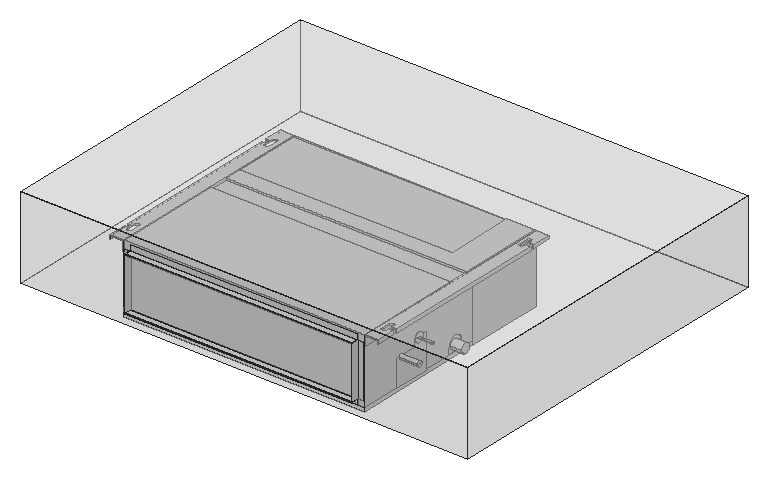
Revit family "outputfile", category 機械設備, Revit 2024
Family settings
  丸型コネクタ寸法 = 半径を使用
  パーツ タイプ = 標準
  OmniClass 番号 = 23.75.10.24.21.27.27
  OmniClass タイトル = Split System Air Conditioning Units
  作業面ベース = いいえ
  常に垂直 = はい
  ロード時にボイドで切り取り = いいえ
  注釈の向きを維持 = いいえ
  共有 = いいえ
  部屋計算ポイント = はい
Parameters (values of type "FXDQ25PDVET")
  Description = ""
  製造元 = "Daikin"
  書き出し IFC クラス(タイプ) = "IfcUnitaryEquipmentType"
  定義済み IFC タイプ(タイプ) = "AIRCONDITIONINGUNIT"
  Cost = 0
  モデル = "FXDQ25PDVET"
  Type Comments = ""
  Keynote = ""
  Type Image = (empty or 0)
  Assembly Code = ""
  w_pipe = 33.0 mm
  r_Liquid Pipe Size = Liquid Pipe Size / 2  # 3.2 mm
  r_Gas Pipe Size = Gas Pipe Size / 2  # 6.35 mm
  r_Drain Pipe Size = Drain Pipe Size / 2  # 10.0 mm
  lw_powersupply = 304.0 mm
  lh_suctionflange [instance] = if(Rear Connection_Return Air, 100.0 mm + [h***], 190.0 mm + [h***])  # 100.0 mm
  ld_suctionflange [instance] = if(Rear Connection_Return Air, 190.0 mm, 100.0 mm)  # 190.0 mm
  ld_powersupply = 60.0 mm
  angle_vertical_RA [instance] = if(Rear Connection_Return Air, 90.00°, 0.00°)  # 90.00°
  angle horizontal_RA [instance] = if(Rear Connection_Return Air, 180.00°, 270.00°)  # 180.00°
  Voltage_comment_60Hz = "220"
  Voltage_comment_50Hz = "220-240"
  Voltage_60Hz = 220 V
  Voltage_50Hz = 220 V
  URL = ""
  Supply Air Direction [instance] = yes
  Sound Power Level_H speed (dB) = 54
  Rear Connection_Return Air [instance] = not(Bottom Connection_Return Air)  # yes
  RA_length = 190.0 mm  # constant formula
  Phase_60Hz = 1
  Phase_50Hz = 1
  Minimum External Static Pressure = 10.00 Pa
  Minimum Circuit Amps_60Hz = 0.8 A
  Minimum Circuit Amps_50Hz = 0.7 A
  Maximum Fuse Amps_60Hz = 16.0 A
  Maximum Fuse Amps_50Hz = 16.0 A
  Maximum External Static Pressure = 30.00 Pa
  Material_Casing = DAIKIN_GalvanizedSteel_Casing_indoorunit
  lw_liquidpipe = 46.0 mm  # constant formula
  lw_gaspipe = 57.0 mm  # constant formula
  lw_mountinghole_pitch = 740.0 mm  # constant formula
  lw_mountinghole = 20.0 mm  # constant formula
  lw_drainpipe = 33.0 mm  # constant formula
  lh_powersupply = 10.0 mm
  lh_liquidpipe = 110.0 mm
  lh_gaspipe = 87.0 mm
  lh_mountinghole = Height + [h***]  # 200.0 mm
  lh_drainpipe = 30.0 mm
  lh_antena = 1.0 mm  # constant formula
  ld_liquidpipe = 193.0 mm  # constant formula
  ld_gaspipe = 130.0 mm  # constant formula
  ld_mountinghole_pitch = 500.0 mm  # constant formula
  ld_drainpipe = 280.0 mm
  ld_controlbox = 626.0 mm  # constant formula
  h*** = 0.0 mm  # constant formula
  d_dischargeflange = 21.2 mm  # constant formula
  Width = 700.0 mm
  Version = "ver.1.0"
  Unit Type = "Slim Duct (Standard) Type"
  Unit Mass Weight = 23.00 kg
  Unit Designation [instance] = ""
  Uniclass2015Version = "Products v1.30"
  Uniclass2015Title = "Variable refrigerant flow units"
  Uniclass2015Code = "Pr_70_65_03_94"
  Total Heating Capacity [instance] = 0.000 kW
  Total Cooling Capacity [instance] = 0.000 kW
  Sound Pressure Level_M speed (dBA) = 0
  Sound Pressure Level_L speed (dBA) = 23
  Sound Pressure Level_H speed (dBA) = 28
  Series = "VRV Fan Coil Unit"
  Sensible Cooling Capacity [instance] = 0.000 kW
  SA Duct Size Width = 660.0 mm
  SA Duct Size Height = 153.0 mm
  Refrigerant Type = "R410A"
  RA Duct Size Width = 600.0 mm
  RA Duct Size Height = 180.0 mm
  Power Input (Heating) = 0.067 kW
  Power Input (Cooling) = 0.067 kW
  Option Accessory 3 [instance] = ""
  Option Accessory 2 [instance] = ""
  Option Accessory 1 [instance] = ""
  Nominal Heating Capacity = 3.200 kW
  Nominal Cooling Capacity = 2.800 kW
  Minimum Airflow = 384.00 m³/h
  Median Airflow = 432.00 m³/h
  Maximum Airflow = 480.00 m³/h
  Load Classification = HVAC
  Liquid Pipe Size = 6.4 mm
  Link_Nested Family [instance] = ""
  IfcVersion = "0"
  IfcExportType = "AIRCONDITIONINGUNIT"
  IfcExportAs = "IfcUnitaryEquipmentType"
  Height = 200.0 mm
  Heating Entering Wet Bulb Temperature [instance] = 0.00 °C
  Heating Entering Dry Bulb Temperature [instance] = 0.00 °C
  Heating Ambient Wet Bulb Temperature [instance] = 0.00 °C
  Heating Ambient Dry Bulb Temperature [instance] = 0.00 °C
  Heat Exchanger Type = "Cross Fin Coil"
  Gas Pipe Size = 12.7 mm
  Frequency_60Hz = 60 Hz
  Frequency_50Hz = 50 Hz
  Fan Type = "Sirocco Fan"
  Fan Drive = "Direct Drive"
  FCU Tag No. [instance] = ""
  Drain Pipe Size = 20.0 mm
  Design Supply Airflow [instance] = 0.00 m³/h
  Design Return Airflow [instance] = 0.00 m³/h
  Design External Static Pressure [instance] = 0.00 Pa
  Depth = 620.0 mm
  既定の高さ = 0.0 mm
  Cooling Entering Wet Bulb Temperature [instance] = 0.00 °C
  Cooling Entering Dry Bulb Temperature [instance] = 0.00 °C
  Cooling Ambient Wet Bulb Temperature [instance] = 0.00 °C
  Cooling Ambient Dry Bulb Temperature [instance] = 0.00 °C
  Clearance visibility [instance] = yes
  Clearance Top = 20.0 mm
  Clearance Right = 300.0 mm
  Clearance Rear = 400.0 mm
  Clearance Left = 300.0 mm
  Clearance Front = 0.0 mm
  Clearance Bottom = 20.0 mm
  Bottom Connection_Return Air [instance] = no
Reference planes
  plane 1 "Center (Front/Back)": y = 0
  plane 2: z = 0
  plane 3 "Center (Left/Right)": x = 0
  plane 4 "Back": y = 310
  plane 5 "Front": y = -310
  plane 6 "Left": x = -350
  plane 7 "Right": x = 350
  plane 8 "Top": z = 0
  plane 9 "Bottom": z = -200
  plane 10: x = 330
  plane 11: x = -330
  plane 12: z = -190
  plane 13: z = -6
  plane 14: z = -22
  plane 15: z = -90
  plane 16: z = -113
  plane 17: x = -304
  plane 18: x = 304
  plane 19: x = -370
  plane 20: x = 370
  plane 21: y = -250
  plane 22: y = 250
  plane 23: x = -390
  plane 24: x = 390
  plane 25: x = 396
  plane 26: x = 407
  plane 27: x = 383
  plane 28: z = 0
  plane 29: z = -170
  plane 30 "Clearance Left": x = -650
  plane 31 "Clearance Right": x = 650
  plane 32 "Clearance Rear": y = 710
  plane 33 "Clearance Front": y = -310
  plane 34 "Clearance Top": z = 20
  plane 35 "Clearance Bottom": z = -220
  plane 36: z = -21
  plane 37: z = -170
  plane 38: z = -96.5
  plane 39: x = -40
  plane 40: y = -180
  plane 41: y = -117
  plane 42: y = -30
  plane 43: y = 20
  plane 44: z = -97.5
  plane 45: y = -309
  plane 46: x = -349
  plane 47: z = -100
  plane 48: z = -30
  plane 49: y = 210
  plane 50: z = 301
  plane 51: z = -199
  plane 52: y = 120
  plane 53: z = -101
  plane 54: x = 380
  plane 55: z = 11
  plane 56: z = 102.5
Forms (mm)
  Extrusion 1, solid
    sketch origin (0, 0, 0) x (1, 0, 0) y (0, 0, 1)
      loop
        line (-350, -190) -> (-350, -200) -> (350, -200) -> (350, -190) -> (-350, -190)
    from -84 to 310
  Extrusion 2, solid, material "DAIKIN_GalvanizedSteel_Casing_indoorunit" <- "Material_Casing"
    sketch origin (0, 0, 0) x (1, 0, 0) y (0, 1, 0)
      loop
        line (-350, -309) -> (350, -309) -> (350, 310) -> (-350, 310) -> (-350, -309)
    from -200 to 0
  Extrusion 3, void
    sketch origin (0, 0, 1) x (1, 0, 0) y (0, 1, 0)
      loop
        line (-350, 62.179) -> (-350, 4.179) -> (350, 4.179) -> (350, 62.179) -> (-350, 62.179)
    from -1 to -7
  Extrusion 4, void
    sketch origin (0, 0, 0) x (0, 1, 0) y (0, 0, 1)
      loop
        line (-5, -190) -> (45, -190) -> (45, -170)
        arc (45, -170) -> (20, -145) -> (-5, -170) r 25
        line (-5, -170) -> (-5, -190)
    from 350 to 345
  Revolve 5, solid, material "DAIKIN_GalvanizedSteel_Casing_indoorunit" <- "Material_Casing"
    sketch origin (0, 0, -113) x (0, -1, 0) y (1, 0, 0)
      loop
        line (173.65, 351) -> (180, 351) -> (180, 407) -> (173.65, 407) -> (173.65, 351)
      axis (180, 351) -> (180, 407)
    angle from 0 to 360
  Revolve 6, solid, material "DAIKIN_GalvanizedSteel_Casing_indoorunit" <- "Material_Casing"
    sketch origin (0, 0, -90) x (0, -1, 0) y (1, 0, 0)
      loop
        line (117, 351) -> (117, 396) -> (113.8, 396) -> (113.8, 351) -> (117, 351)
      axis (117, 396) -> (117, 351)
    angle from 0 to 360
  Extrusion 7, solid, material "DAIKIN_GalvanizedSteel_Casing_indoorunit" <- "Material_Casing"
    sketch origin (0, 0, 0) x (0, 1, 0) y (0, 0, 1)
      loop
        circle (-116, -90) r 12.7
    from 350 to 355.007
  Extrusion 8, solid, material "DAIKIN_GalvanizedSteel_Casing_indoorunit" <- "Material_Casing"
    sketch origin (0, 0, 0) x (0, 1, 0) y (0, 0, 1)
      loop
        circle (20, -170) r 13
    from 345 to 380
  Extrusion 9, solid, material "DAIKIN_GalvanizedSteel_Casing_indoorunit" <- "Material_Casing"
    sketch origin (0, 0, 0) x (1, 0, 0) y (0, 0, 1)
      loop
        line (-350, -190) -> (-350, -200) -> (350, -200) -> (350, -190) -> (-350, -190)
    from -84 to 310
  Extrusion 10, solid, material "DAIKIN_GalvanizedSteel_Casing_indoorunit" <- "Material_Casing", visible <- "Bottom Connection_Return Air"
    sketch origin (0, 0, 0) x (1, 0, 0) y (0, 0, 1)
      loop
        line (269, -200) -> (269, -1) -> (-349, -1) -> (-349, -200) -> (269, -200)
    from -310 to -309
  Extrusion 11, void
    sketch origin (0, 0, 0) x (1, 0, 0) y (0, 0, 1)
      loop
        line (269, 0) -> (-349, 0) -> (-349, -1) -> (269, -1) -> (269, 0)
    from -310 to -111
  Extrusion 12, solid, material "DAIKIN_GalvanizedSteel_Casing_indoorunit" <- "Material_Casing", visible <- "Rear Connection_Return Air"
    sketch origin (0, 0, 0) x (1, 0, 0) y (0, 1, 0)
      loop
        line (-349, 310) -> (-349, 111) -> (269, 111) -> (269, 310) -> (-349, 310)
    from -200 to -199
  Extrusion 13, solid, material "DAIKIN_GalvanizedSteel_Casing_indoorunit" <- "Material_Casing"
    sketch origin (0, 0, 0) x (0, 1, 0) y (0, 0, 1)
      loop
        line (-194, -113) -> (-194, -190) -> (-88.3, -190) -> (-88.3, -90) -> (-103.3, -90)
        arc (-103.3, -90) -> (-116, -102.7) -> (-128.7, -90) r 12.7
        line (-128.7, -90) -> (-128.7, -113) -> (-173.65, -113)
        arc (-173.65, -113) -> (-180, -119.35) -> (-186.35, -113) r 6.35
        line (-186.35, -113) -> (-194, -113)
    from 351 to 350
  Extrusion 14, solid, material "DAIKIN_GalvanizedSteel_Casing_indoorunit" <- "Material_Casing"
    sketch origin (0, 0, 0) x (0, 1, 0) y (0, 0, 1)
      loop
        line (84, -199) -> (310, -199) -> (310, -22) -> (91, -22) -> (84, -29) -> (84, -199)
    from 351 to 350
Cuts and joins
  Extrusion 3, Extrusion 4, Extrusion 11 cuts Extrusion 2
  Extrusion 4 cuts Extrusion 1
  Extrusion 11 cuts Extrusion 9
Dimensions and locks
  "lh_powersupply": plane 12 to plane 9 "Bottom"
  locked: plane 8 "Top" to plane 13 at 6
  "Height": plane 8 "Top" to plane 9 "Bottom"
  equal spacing: plane 17, plane 3 "Center (Left/Right)", plane 18, locked at 304 each
  locked: plane 17 to plane 18 at 608
  equal spacing: plane 19, plane 3 "Center (Left/Right)", plane 20, locked at 370 each
  "lw_mountinghole_pitch": plane 19 to plane 20
  locked: plane 14 to plane 9 "Bottom" at 178
  "lw_mountinghole": plane 23 to plane 19
  "lh_liquidpipe": plane 15 to plane 9 "Bottom"
  "lh_gaspipe": plane 16 to plane 9 "Bottom"
  "lh_mountinghole": plane 28 to plane 9 "Bottom"
  "ld_mountinghole_pitch": plane 22 to plane 21
  equal spacing: plane 6 "Left", plane 3 "Center (Left/Right)", plane 7 "Right", locked at 350 each
  "Width": plane 6 "Left" to plane 7 "Right"
  "lh_drainpipe": plane 29 to plane 9 "Bottom"
  "Clearance Right": plane 7 "Right" to plane 31 "Clearance Right"
  "Clearance Left": plane 30 "Clearance Left" to plane 6 "Left"
  "lw_gaspipe": plane 7 "Right" to plane 26
  "lw_liquidpipe": plane 7 "Right" to plane 25
  "lw_drainpipe": plane 7 "Right" to plane 27
  "Clearance Rear": plane 32 "Clearance Rear" to plane 4 "Back"
  "Clearance Front": plane 5 "Front" to plane 33 "Clearance Front"
  "Clearance Top": plane 34 "Clearance Top" to plane 8 "Top"
  "Clearance Bottom": plane 9 "Bottom" to plane 35 "Clearance Bottom"
  "ld_powersupply": plane 4 "Back" to plane 22
  "lw_powersupply": plane 3 "Center (Left/Right)" to plane 18
  locked: plane 8 "Top" to plane 36 at 21
  locked: plane 8 "Top" to plane 37 at 170
  locked: plane 40 to plane 41 at 63
  locked: plane 38 to plane 9 "Bottom" at 103.5
  locked: plane 36 to plane 44 at 76.5
  "Depth": plane 4 "Back" to plane 5 "Front"
  equal spacing: plane 4 "Back", plane 1 "Center (Front/Back)", plane 5 "Front"
  locked: plane 45 to plane 5 "Front" at 1
  locked: plane 46 to plane 6 "Left" at 1
  Extrusion 10 sketch curve to Extrusion 10 sketch curve = 199.0 mm
  locked: nested 12 to plane 39 at 300
  locked: plane 12 to plane 47 at 90
  plane 32 "Clearance Rear" to Extrusion 10 = 401.0 mm
  locked: plane 48 to plane 35 "Clearance Bottom" at 190
  locked: plane 49 to nested 13 at 90
  plane 50 to plane 28 = 301.0 mm
  locked: plane 51 to plane 9 "Bottom" at 1
  "ld_suctionflange": plane 4 "Back" to plane 52
  locked: plane 53 to plane 9 "Bottom" at 99
  locked: plane 54 to plane 7 "Right" at 30
  aligned and locked: level to plane 2
  aligned and locked: Extrusion 2 to plane 9 "Bottom"
  aligned and locked: plane 8 "Top" to Extrusion 2
  aligned and locked: Revolve 5 sketch curve to Revolve 5 sketch curve
  aligned and locked: plane 15 to Extrusion 7 sketch curve
  aligned and locked: cut or joined group of Extrusion 1, Extrusion 4 to plane 9 "Bottom"
  aligned and locked: plane 24 to nested 1
  aligned and locked: nested 1 to plane 23
  aligned and locked: plane 25 to nested 6
  aligned and locked: nested 6 to plane 15
  aligned and locked: nested 2 to plane 22
  aligned and locked: plane 20 to nested 2
  aligned and locked: plane 20 to nested 3
  aligned and locked: plane 19 to nested 4
  aligned and locked: plane 22 to nested 5
  aligned and locked: nested 5 to plane 22
  aligned and locked: plane 19 to nested 5
  aligned and locked: plane 22 to nested 11
  aligned and locked: plane 18 to nested 11  (x2)
  aligned and locked: nested 11 to plane 18
  aligned and locked: plane 4 "Back" to nested 11
  aligned and locked: cut or joined group of Extrusion 2, Extrusion 3, Extrusion 4, Extrusion 11 to nested 11
  aligned and locked: nested 11 to plane 12
  aligned and locked: plane 8 "Top" to nested 1
  aligned and locked: Extrusion 9 to plane 5 "Front"
  aligned and locked: Extrusion 9 to plane 9 "Bottom"
  aligned and locked: nested 7 to plane 16
  aligned and locked: plane 4 "Back" to nested 1
  aligned and locked: plane 40 to nested 7
  aligned and locked: plane 41 to nested 6
  aligned and locked: Extrusion 8 sketch curve to plane 43
  aligned and locked: nested 12 to plane 46
  aligned and locked: plane 4 "Back" to Extrusion 11
  aligned and locked: Extrusion 12 to nested 13
  aligned and locked: plane 8 "Top" to Extrusion 3
  aligned and locked: Extrusion 10 to cut or joined group of Extrusion 2, Extrusion 3, Extrusion 4, Extrusion 11
  aligned and locked: plane 9 "Bottom" to Extrusion 12  (x2)
  aligned and locked: Extrusion 12 to plane 51
  aligned and locked: plane 4 "Back" to nested 12
  aligned and locked: Extrusion 11 to level
  aligned and locked: plane 32 "Clearance Rear" to nested 14
  aligned and locked: plane 31 "Clearance Right" to nested 14
  aligned and locked: plane 30 "Clearance Left" to nested 14
  aligned and locked: nested 14 to plane 33 "Clearance Front"
  aligned and locked: nested 14 to plane 34 "Clearance Top"
  aligned and locked: nested 14 to plane 35 "Clearance Bottom"
  aligned and locked: plane 7 "Right" to Extrusion 13
  aligned and locked: plane 4 "Back" to Extrusion 14
  aligned and locked: Extrusion 14 to plane 51
  aligned and locked: plane 7 "Right" to Extrusion 14
  aligned and locked: Extrusion 13 to Revolve 5 sketch curve
  aligned and locked: Extrusion 3 to plane 13
  aligned and locked: plane 52 to nested 15
  aligned and locked: Extrusion 11 to nested 13
  aligned and locked: Extrusion 8 to plane 54
  aligned and locked: nested 8 to plane 54
  aligned and locked: plane 43 to nested 8
  aligned and locked: nested 8 to plane 37
  aligned and locked: nested 10 to plane 1 "Center (Front/Back)"
  aligned and locked: plane 46 to Extrusion 10
  aligned and locked: nested 12 to plane 51
  aligned and locked: plane 3 "Center (Left/Right)" to nested 10
  aligned and locked: plane 13 to nested 16
  aligned and locked: plane 45 to nested 16
  aligned and locked: plane 44 to nested 9
  aligned and locked: level to plane 8 "Top"
Automatic sketch dimensions
  Extrusion 1 sketch curve to plane 6 "Left" = 0.0 mm
  Extrusion 1 sketch curve to plane 7 "Right" = 0.0 mm
  Extrusion 1 sketch curve to plane 9 "Bottom" = 0.0 mm
  Extrusion 1 sketch curve to plane 12 = 0.0 mm
  Extrusion 2 sketch curve to plane 4 "Back" = 0.0 mm
  Extrusion 2 sketch curve to plane 6 "Left" = 0.0 mm
  Extrusion 2 sketch curve to plane 7 "Right" = 0.0 mm
  Extrusion 2 sketch curve to plane 45 = 0.0 mm
  Extrusion 3 sketch curve to plane 6 "Left" = 0.0 mm
  Extrusion 3 sketch curve to plane 7 "Right" = 0.0 mm
  Extrusion 3 sketch curve to plane 1 "Center (Front/Back)" = 4.179 mm
  plane 43 to Extrusion 3 sketch curve = 42.179 mm
  Extrusion 4 sketch curve to plane 37 = 0.0 mm
  Extrusion 4 sketch curve to plane 12 = 0.0 mm
  Extrusion 4 sketch curve to plane 43 = 0.0 mm
  plane 1 "Center (Front/Back)" to Extrusion 4 sketch curve = 5.0 mm
  Revolve 6 sketch curve to plane 25 = 0.0 mm  (x2)
  Revolve 6 sketch curve to plane 41 = 0.0 mm  (x2)
  plane 41 to Revolve 6 sketch curve = 3.2 mm
  plane 7 "Right" to Revolve 6 sketch curve = 1.0 mm
  Revolve 6 sketch curve to Revolve 6 sketch curve = 0.0 mm
  plane 41 to Extrusion 7 sketch curve = 1.0 mm
  Extrusion 8 sketch curve to plane 37 = 0.0 mm
  Extrusion 9 sketch curve to plane 6 "Left" = 0.0 mm
  Extrusion 9 sketch curve to plane 7 "Right" = 0.0 mm
  Extrusion 9 sketch curve to plane 9 "Bottom" = 0.0 mm
  Extrusion 9 sketch curve to plane 12 = 0.0 mm
  plane 46 to Extrusion 10 sketch curve = 0.0 mm
  Extrusion 10 sketch curve to plane 18 = 35.0 mm
  plane 46 to Extrusion 11 sketch curve = 0.0 mm
  Extrusion 11 sketch curve to plane 18 = 35.0 mm
  Extrusion 11 sketch curve to plane 8 "Top" = 1.0 mm
  Extrusion 12 sketch curve to plane 46 = 0.0 mm
  Extrusion 12 sketch curve to plane 4 "Back" = 0.0 mm
  Extrusion 12 sketch curve to plane 18 = 35.0 mm
  plane 43 to Extrusion 12 sketch curve = 91.0 mm
  plane 35 "Clearance Bottom" to Extrusion 11 sketch curve = 220.0 mm
  Extrusion 10 sketch curve to plane 51 = 1.0 mm
  Extrusion 13 sketch curve to plane 12 = 0.0 mm
  Extrusion 13 sketch curve to plane 16 = 0.0 mm
  Extrusion 13 sketch curve to plane 40 = 0.0 mm
  Extrusion 13 sketch curve to plane 15 = 0.0 mm
  Extrusion 13 sketch curve to Extrusion 13 sketch curve = 6.35 mm
  Extrusion 13 sketch curve to Extrusion 13 sketch curve = 7.65 mm
  Extrusion 13 sketch curve to plane 41 = 11.7 mm
  plane 41 to Extrusion 13 sketch curve = 1.0 mm
  Extrusion 13 sketch curve to Extrusion 13 sketch curve = 27.7 mm
  Extrusion 14 sketch curve to plane 51 = 0.0 mm
  Extrusion 14 sketch curve to plane 14 = 0.0 mm
  plane 48 to Extrusion 14 sketch curve = 1.0 mm
  plane 43 to Extrusion 14 sketch curve = 64.0 mm
  Extrusion 14 sketch curve to Extrusion 14 sketch curve = 7.0 mm
  Extrusion 14 sketch curve to plane 4 "Back" = 0.0 mm
  Revolve 5 sketch curve to plane 26 = 0.0 mm
  Revolve 5 sketch curve to plane 40 = 0.0 mm
  Revolve 5 sketch curve to Revolve 5 sketch curve = 1.003 mm  (x2)
  plane 40 to Revolve 5 sketch curve = 6.35 mm
  radius of Extrusion 7 sketch curve = 12.7 mm
  radius of Extrusion 8 sketch curve = 13.0 mm
Nested families
  nested 1: "daikin_hangerfixture_FXDQ-PDVET" at (0, 0.5, 0), type "daikin_hangerfixture_FXDQ-PDVET"
  nested 2: "daikin_mountinghole" at (370, 250, -200), l_antenna <- "lh_antena", Link_Nested Family <- "Link_Nested Family", h_mountinghole <- "lh_mountinghole", type "daikin_mountinghole"
    with show yes, l_antenna 1.0 mm, h_mountinghole 200.0 mm, Link_Nested Family ""
  nested 3: "daikin_mountinghole" at (370, -250, -200), Link_Nested Family <- "Link_Nested Family", l_antenna <- "lh_antena", h_mountinghole <- "lh_mountinghole", type "daikin_mountinghole"
    with show yes, l_antenna 1.0 mm, h_mountinghole 200.0 mm, Link_Nested Family ""
  nested 4: "daikin_mountinghole" at (-370, -250, -200), l_antenna <- "lh_antena", Link_Nested Family <- "Link_Nested Family", h_mountinghole <- "lh_mountinghole", type "daikin_mountinghole"
    with show yes, l_antenna 1.0 mm, h_mountinghole 200.0 mm, Link_Nested Family ""
  nested 5: "daikin_mountinghole" at (-370, 250, -200), l_antenna <- "lh_antena", Link_Nested Family <- "Link_Nested Family", h_mountinghole <- "lh_mountinghole", type "daikin_mountinghole"
    with show yes, l_antenna 1.0 mm, h_mountinghole 200.0 mm, Link_Nested Family ""
  nested 6: "daikin_connector_rotate2" at (350, -117, -90) x (0, 1, 0) z (0, 0, 1), length <- "lw_liquidpipe", built-in parameter 1001364 <- "lh_liquidpipe", radius <- "r_Liquid Pipe Size", type "daikin_connector_rotate2"
    with radius 3.2 mm, length 46.0 mm, angle_vertical 90.00°, show_face no
  nested 7: "daikin_connector_rotate2" at (350, -180, -113) x (0, 1, 0) z (0, 0, 1), length <- "lw_gaspipe", built-in parameter 1001364 <- "lh_gaspipe", radius <- "r_Gas Pipe Size", type "daikin_connector_rotate2"
    with radius 6.35 mm, length 57.0 mm, angle_vertical 90.00°, show_face no
  nested 8: "daikin_connector_rotate2" at (347, 20, -170) x (0, 1, 0) z (0, 0, 1), built-in parameter 1001364 <- "lh_drainpipe", length <- "lw_drainpipe", radius <- "r_Drain Pipe Size", type "daikin_connector_rotate2"
    with radius 10.0 mm, length 33.0 mm, angle_vertical 90.00°, show_face no
  nested 9: "daikin_connector_rotate2" at (0, -309, -97.5), length <- "d_dischargeflange", type "daikin_connector_rotate2"
    with radius 10.0 mm, length 21.2 mm, angle_vertical 90.00°, show_face no
  nested 10: "daikin_△_symbolicline" at (-75, -129.904, 200) x (-0.5, 0.866, 0) z (0, 0, 1), built-in parameter 1001364 <- "Height", visible <- "Supply Air Direction", type "daikin_△_symbolicline"
    with length 300.0 mm
  nested 11: "daikin_connector_rotate2" at (304, 250, -190) x (-1, 0, 0) z (0, 0, 1), built-in parameter 1001364 <- "lh_powersupply", length <- "ld_powersupply", type "daikin_connector_rotate2"
    with radius 10.0 mm, length 60.0 mm, angle_vertical 90.00°, show_face no
  nested 12: "daikin_ductflange_FXDQ-PDVET2" at (-40, 310, -100), visible <- "Rear Connection_Return Air", material <- "Material_Casing", type "daikin_ductflange_FXDQ-PDVET2"
    with width 620.0 mm, material DAIKIN_GalvanizedSteel_Casing_indoorunit, height 180.0 mm, depth 21.2 mm
  nested 13: "daikin_ductflange_FXDQ-PDVET2" at (-40, 210, -200) x (1, 0, 0) z (0, 1, 0), visible <- "Bottom Connection_Return Air", material <- "Material_Casing", type "daikin_ductflange_FXDQ-PDVET2"
    with width 620.0 mm, material DAIKIN_GalvanizedSteel_Casing_indoorunit, height 180.0 mm, depth 21.2 mm
  nested 14: "daikin_clearancespace" at (0, 200, -99.881), visible <- "Clearance visibility", show <- "Clearance visibility", Link_Nested Family <- "Link_Nested Family", type "daikin_clearancespace"
    with width 1300.0 mm, show yes, height 240.0 mm, depth 1020.0 mm, Link_Nested Family ""
  nested 15: "daikin_connector_rotate3" at (-40, 120, -100), built-in parameter 1001364 <- "lh_suctionflange", angle_vertical <- "angle_vertical_RA", angle_horizontal <- "angle horizontal_RA", length <- "RA_length", type "daikin_connector_rotate3"
    with show no, radius 10.0 mm, length 190.0 mm, angle_vertical 90.00°, angle_horizontal 180.00°
  nested 16: "daikin_ductflange_FXDQ-PDVET" at (0, 4.5, -364.201), type "daikin_ductflange_FXDQ-PDVET"
    with width 660.0 mm, material DAIKIN_GalvanizedSteel_Casing_indoorunit, height 155.0 mm, depth 21.2 mm
Connectors
  piping at (407, -180, -113), diameter 12.7, driven by "r_Gas Pipe Size"
    settings: on nested 7, index 1, connector inside diameter 609.6 mm, connector length 0.0 mm, flow factor 0, pipe flow 0.00 m³/h, pressure drop 0.0 Pa, fitting loss kfactor 0, connector angle 0.00°, fixture units 0, engagement length 0.0 mm, angle of deflection 0.00°, flow configuration 1, flow direction 2, fitting loss method 0, system type 29, joint type 0, gender type 0, connector reference index -1, connector utility 0, adjustable connector no, is connector primary yes, connector description "Refrigerant Gas Piping"
  piping at (396, -117, -90), diameter 6.4, driven by "r_Liquid Pipe Size"
    settings: on nested 6, index 2, connector inside diameter 609.6 mm, connector length 0.0 mm, flow factor 0, pipe flow 0.00 m³/h, pressure drop 0.0 Pa, fitting loss kfactor 0, connector angle 0.00°, fixture units 0, engagement length 0.0 mm, angle of deflection 0.00°, flow configuration 1, flow direction 1, fitting loss method 0, system type 29, joint type 0, gender type 0, connector reference index -1, connector utility 0, adjustable connector no, is connector primary no, connector description "Refrigerant Liquid Piping"
  piping at (380, 20, -170), diameter 20, driven by "r_Drain Pipe Size"
    settings: on nested 8, index 3, connector inside diameter 609.6 mm, connector length 0.0 mm, flow factor 0, pipe flow 0.00 m³/h, pressure drop 0.0 Pa, fitting loss kfactor 0, connector angle 0.00°, fixture units 0, engagement length 0.0 mm, angle of deflection 0.00°, flow configuration 1, flow direction 2, fitting loss method 4, system type 16, joint type 0, gender type 0, connector reference index -1, connector utility 0, adjustable connector no, is connector primary no, connector description "Condensate Drain Piping"
  hvac at (0, -330.2, -97.5), driven by "SA Duct Size Height", driven by "SA Duct Size Width"
    settings: on nested 9, index 7, duct flow 0.00 m³/h, flow factor 0, pres drop 0.00 Pa, loss coef 0, conn angle 0.00°, conn width 660.0 mm, conn height 153.0 mm, conn diameter 609.6 mm, duct sys type 1, conn prof type 1, flow config 0, flow direction 2, loss method 4, conn ref index -1, conn util no, is conn primary yes, conn desc "SA Duct"
  electrical at (304, 310, -190), driven by "Load Classification"
    settings: on nested 11, index 9, voltage 0 V, apparent load 0 VA, apparent load phase1 0 VA, apparent load phase2 0 VA, apparent load phase3 0 VA, power factor 1, load classification "HVAC", number of poles 1, system type 30, power factor state 1, is connector primary yes, connector utility no, sub classification motor no, connector description "Power Supply"
  hvac at (-40, 310, -100), driven by "RA Duct Size Height", driven by "RA Duct Size Width"
    settings: on nested 15, index 10, duct flow 0.00 m³/h, flow factor 0, pres drop 0.00 Pa, loss coef 0, conn angle 0.00°, conn width 600.0 mm, conn height 180.0 mm, conn diameter 609.6 mm, duct sys type 2, conn prof type 1, flow config 0, flow direction 1, loss method 4, conn ref index -1, conn util no, is conn primary no, conn desc "RA Duct"
Definition of nested family "daikin_hangerfixture_FXDQ-PDVET"
  Parameters (values of type "daikin_hangerfixture_FXDQ-PDVE")
    width = 48.0 mm
    material = none
    height = 65.0 mm
    depth = 619.0 mm
    Default Elevation = 0.0 mm
  Reference planes
    plane 1 "Center (Front/Back)": y = 0
    plane 2: z = 0
    plane 3 "Center (Left/Right)": x = 0
    plane 4: x = 350
    plane 5: y = 309.5
    plane 6: y = -309.5
  Forms (mm)
    Extrusion 1, solid, material <- "material"
      sketch origin (0, 0, 0) x (1, 0, 0) y (0, 0, 1)
        loop
          line (350, 0) -> (350, -30) -> (352.3, -30) -> (352.3, -2.3) -> (387.7, -2.3) -> (387.7, -10) -> (390, -10) -> (390, 0) -> (350, 0)
      from -309.5 to 309.5
    Extrusion 2, void
      sketch origin (0, 0, 0) x (0, 1, 0) y (0, 0, 1)
        loop
          line (309.5, -30) -> (309.5, -17.979) -> (87.935, -17.979) -> (75.914, -30) -> (309.5, -30)
      from 0 to 618
    Extrusion 3, void
      sketch origin (0, 0, 0) x (1, 0, 0) y (0, 1, 0)
        loop
          line (390, -244) -> (377, -244) -> (377, -237.5)
          arc (377, -237.5) -> (370, -230.5) -> (363, -237.5) r 7
          line (363, -237.5) -> (363, -263.5)
          arc (363, -263.5) -> (370, -270.5) -> (377, -263.5) r 7
          line (377, -263.5) -> (377, -257) -> (390, -257) -> (390, -244)
        loop
          line (390, 243) -> (390, 256) -> (377, 256) -> (377, 262.5)
          arc (377, 262.5) -> (370, 269.5) -> (363, 262.5) r 7
          line (363, 262.5) -> (363, 236.5)
          arc (363, 236.5) -> (370, 229.5) -> (377, 236.5) r 7
          line (377, 236.5) -> (377, 243) -> (390, 243)
      from -254.96 to 618
    Extrusion 4, solid, material <- "material"
      sketch origin (0, 0, 0) x (-1, 0, 0) y (0, 0, -1)
        loop
          line (350, 0) -> (390, 0) -> (390, 10) -> (387.7, 10) -> (387.7, 2.3) -> (352.3, 2.3) -> (352.3, 30) -> (350, 30) -> (350, 0)
      from -309.5 to 309.5
    Extrusion 5, void
      sketch origin (0, 0, 0) x (-1, 0, 0) y (0, -1, 0)
        loop
          line (390, 244) -> (390, 257) -> (377, 257) -> (377, 263.5)
          arc (377, 263.5) -> (370, 270.5) -> (363, 263.5) r 7
          line (363, 263.5) -> (363, 237.5)
          arc (363, 237.5) -> (370, 230.5) -> (377, 237.5) r 7
          line (377, 237.5) -> (377, 244) -> (390, 244)
        loop
          line (390, -243) -> (377, -243) -> (377, -236.5)
          arc (377, -236.5) -> (370, -229.5) -> (363, -236.5) r 7
          line (363, -236.5) -> (363, -262.5)
          arc (363, -262.5) -> (370, -269.5) -> (377, -262.5) r 7
          line (377, -262.5) -> (377, -256) -> (390, -256) -> (390, -243)
      from -254.96 to 618
  Cuts and joins
    Extrusion 2, Extrusion 3, Extrusion 5 cuts Extrusion 1
    Extrusion 5 cuts Extrusion 4
  Dimensions and locks
    locked: plane 4 to plane 3 "Center (Left/Right)" at 350
    equal spacing: plane 5, plane 1 "Center (Front/Back)", plane 6
    "depth": plane 5 to plane 6
    locked: plane 3 "Center (Left/Right)" to plane 4 at 350
    plane 6 to plane 1 "Center (Front/Back)" to plane 5 = 309.5 mm, 309.5 mm
    aligned and locked: level to plane 2
    aligned and locked: plane 5 to Extrusion 1
    aligned and locked: Extrusion 1 to plane 6
    aligned and locked: Extrusion 1 to plane 4
    aligned and locked: plane 5 to cut or joined group of Extrusion 1, Extrusion 2, Extrusion 3, Extrusion 5
    aligned and locked: cut or joined group of Extrusion 1, Extrusion 2, Extrusion 3, Extrusion 5 to plane 6
    aligned and locked: level to cut or joined group of Extrusion 1, Extrusion 2, Extrusion 3, Extrusion 5
    aligned and locked: plane 5 to cut or joined group of Extrusion 4, Extrusion 5
    aligned and locked: cut or joined group of Extrusion 4, Extrusion 5 to plane 6
  Automatic sketch dimensions
    Extrusion 1 sketch curve to plane 4 = 0.0 mm
    Extrusion 1 sketch curve to level = 0.0 mm
    plane 4 to Extrusion 1 sketch curve = 2.3 mm
    Extrusion 1 sketch curve to level = 2.3 mm
    Extrusion 1 sketch curve to Extrusion 1 sketch curve = 35.4 mm
    Extrusion 1 sketch curve to Extrusion 1 sketch curve = 2.3 mm
    Extrusion 1 sketch curve to Extrusion 1 sketch curve = 7.7 mm
    Extrusion 1 sketch curve to Extrusion 1 sketch curve = 27.7 mm
    Extrusion 2 sketch curve to plane 5 = 0.0 mm
    Extrusion 2 sketch curve to level = 17.979 mm
    Extrusion 2 sketch curve to plane 1 "Center (Front/Back)" = 87.935 mm
    Extrusion 2 sketch curve to level = 30.0 mm
    Extrusion 2 sketch curve to Extrusion 2 sketch curve = 12.021 mm
    plane 4 to Extrusion 3 sketch curve = 13.0 mm  (x2)
    Extrusion 3 sketch curve to Extrusion 3 sketch curve = 7.0 mm  (x4)
    Extrusion 3 sketch curve to Extrusion 3 sketch curve = 13.0 mm  (x4)
    plane 6 to Extrusion 3 sketch curve = 46.0 mm
    Extrusion 3 sketch curve to Extrusion 3 sketch curve = 6.5 mm  (x4)
    Extrusion 3 sketch curve to plane 5 = 73.0 mm
    Extrusion 4 sketch curve to level = 0.0 mm
    Extrusion 4 sketch curve to level = 30.0 mm
    Extrusion 4 sketch curve to plane 3 "Center (Left/Right)" = 350.0 mm
    Extrusion 4 sketch curve to Extrusion 4 sketch curve = 2.3 mm  (x2)
    Extrusion 4 sketch curve to level = 2.3 mm
    Extrusion 4 sketch curve to Extrusion 4 sketch curve = 35.4 mm
    Extrusion 4 sketch curve to Extrusion 4 sketch curve = 7.7 mm
    Extrusion 5 sketch curve to plane 5 = 73.0 mm
    Extrusion 5 sketch curve to plane 3 "Center (Left/Right)" = 363.0 mm  (x2)
    plane 6 to Extrusion 5 sketch curve = 72.0 mm
    Extrusion 5 sketch curve to Extrusion 5 sketch curve = 7.0 mm  (x4)
    Extrusion 5 sketch curve to Extrusion 5 sketch curve = 13.0 mm  (x4)
    Extrusion 5 sketch curve to Extrusion 5 sketch curve = 6.5 mm  (x4)
Definition of nested family "daikin_ductflange_FXDQ-PDVET2"
  Parameters (values of type "daikin_ductflange_FXDQ-PDVE2")
    width [instance] = 620.0 mm
    material [instance] = none
    height [instance] = 180.0 mm
    depth [instance] = 21.2 mm
    Default Elevation = 0.0 mm
  Reference planes
    plane 1 "Center (Front/Back)": y = 0
    plane 2: z = 0
    plane 3 "Center (Left/Right)": x = 0
    plane 4: y = -313.5
    plane 5: y = -334.7
    plane 6: x = -310
    plane 7: x = 310
    plane 8: z = 90
    plane 9: z = -90
    plane 10: z = 100
    plane 11: z = -100
    plane 12: x = -309
    plane 13: x = 309
  Forms (mm)
    Extrusion 1, solid, material <- "material"
      sketch origin (0, 0, 0) x (1, 0, 0) y (0, 0, 1)
        loop
          line (-300, 90) -> (-300, -90) -> (300, -90) -> (300, 90) -> (-300, 90)
        loop
          line (-309, -99) -> (309, -99) -> (309, 99) -> (-309, 99) -> (-309, -99)
      from 0 to 1
  Dimensions and locks
    plane 4 to plane 1 "Center (Front/Back)" = 313.5 mm
    "depth": plane 5 to plane 4
    equal spacing: plane 7, plane 3 "Center (Left/Right)", plane 6, locked at 310 each
    "width": plane 7 to plane 6
    equal spacing: plane 8, level, plane 9, locked at 90 each
    "height": plane 8 to plane 9
    equal spacing: plane 10, level, plane 11, locked at 100 each
    locked: plane 10 to plane 11 at 200
    plane 12 to plane 6 = 1.0 mm
    locked: plane 7 to plane 13 at 1
    locked: Extrusion 1 sketch curve to Extrusion 1 sketch curve at 9  (x4)
    locked: plane 10 to Extrusion 1 sketch curve at 1
    locked: Extrusion 1 sketch curve to plane 11 at 1
    aligned and locked: level to plane 2
  Automatic sketch dimensions
    plane 6 to Extrusion 1 sketch curve = 1.0 mm
    Extrusion 1 sketch curve to plane 7 = 1.0 mm
Definition of nested family "daikin_clearancespace"
  Parameters (values of type "daikin_clearancespace")
    width [instance] = 1823.963 mm
    show [instance] = yes
    material = none
    height [instance] = 1359.762 mm
    depth [instance] = 880.0 mm
    Default Elevation = 0.0 mm
    Link_Nested Family [instance] = ""
  Reference planes
    plane 1 "Center (Front/Back)": y = 0
    plane 2 "Center (Elevation)": z = -0.119
    plane 3 "Center (Left/Right)": x = 0
    plane 4: y = 440
    plane 5: y = -440
    plane 6 "Right": x = 911.982
    plane 7 "Left": x = -911.982
    plane 8 "Top": z = 679.762
    plane 9 "Bottom": z = -680
  Forms (mm)
    Extrusion 1, solid, material <- "material", visible <- "show"
      sketch origin (0, 0, 0) x (1, 0, 0) y (0, 1, 0)
        loop
          line (-911.982, 440) -> (-911.982, -440) -> (911.982, -440) -> (911.982, 440) -> (-911.982, 440)
      from -680 to 679.762
  Lines and regions (mm)
    symbolic lines, visible <- "show"
      curve 1: line (911.982, 440, 0) -> (-911.982, 440, 0)
      curve 2: line (-911.982, 440, 0) -> (-911.982, -440, 0)
      curve 3: line (-911.982, -440, 0) -> (911.982, -440, 0)
      curve 4: line (911.982, -440, 0) -> (911.982, 440, 0)
      curve 5: line (911.982, 0, 679.762) -> (-911.982, 0, 679.762)
      curve 6: line (911.982, 0, -680) -> (911.982, 0, 679.762)
      curve 7: line (-911.982, 0, -680) -> (911.982, 0, -680)
      curve 8: line (-911.982, 0, 679.762) -> (-911.982, 0, -680)
      curve 9: line (0, 440, 679.762) -> (0, -440, 679.762)
      curve 10: line (0, -440, 679.762) -> (0, -440, -680)
      curve 11: line (0, 440, -680) -> (0, 440, 679.762)
      curve 12: line (0, -440, -680) -> (0, 440, -680)
  Dimensions and locks
    "width": plane 7 "Left" to plane 6 "Right"
    "depth": plane 4 to plane 5
    "height": plane 8 "Top" to plane 9 "Bottom"
    equal spacing: plane 7 "Left", plane 3 "Center (Left/Right)", plane 6 "Right"
    equal spacing: plane 4, plane 1 "Center (Front/Back)", plane 5
    equal spacing: plane 8 "Top", plane 2 "Center (Elevation)", plane 9 "Bottom"
    aligned and locked: level to plane 2 "Center (Elevation)"
    aligned and locked: Extrusion 1 sketch curve to plane 4
    aligned and locked: plane 7 "Left" to Extrusion 1 sketch curve
    aligned and locked: Extrusion 1 sketch curve to plane 5
    aligned and locked: Extrusion 1 sketch curve to plane 6 "Right"
    aligned and locked: plane 8 "Top" to Extrusion 1
    aligned and locked: curve 1 to Extrusion 1
    aligned and locked: curve 2 to Extrusion 1
    aligned and locked: curve 3 to Extrusion 1
    aligned and locked: curve 4 to Extrusion 1
    aligned and locked: curve 5 to Extrusion 1
    aligned and locked: curve 6 to Extrusion 1
    aligned and locked: curve 7 to Extrusion 1
    aligned and locked: curve 8 to Extrusion 1
    aligned and locked: curve 9 to Extrusion 1
    aligned and locked: curve 10 to Extrusion 1
    aligned and locked: curve 11 to Extrusion 1
    aligned and locked: curve 12 to Extrusion 1
    aligned and locked: Extrusion 1 to plane 9 "Bottom"
Definition of nested family "daikin_ductflange_FXDQ-PDVET"
  Parameters (values of type "daikin_ductflange_FXDQ-PDVET")
    width [instance] = 660.0 mm
    material [instance] = none
    height [instance] = 155.0 mm
    depth [instance] = 21.2 mm
    Default Elevation = 0.0 mm
  Reference planes
    plane 1 "Center (Front/Back)": y = 0
    plane 2: z = 189.201
    plane 3 "Center (Left/Right)": x = 0
    plane 4: y = -313.5
    plane 5: x = -330
    plane 6: x = 330
    plane 7: y = -334.7
    plane 8: z = 344.201
    plane 9: z = 266.701
    plane 10: z = 343.201
    plane 11: z = 190.201
  Forms (mm)
    Extrusion 1, solid, material <- "material"
      sketch origin (0, 0, 189.201) x (1, 0, 0) y (0, 1, 0)
        loop
          line (-330, -334.7) -> (-330, -313.5) -> (-348, -313.5) -> (-348, -314.5) -> (-331, -314.5) -> (-331, -334.7) -> (-330, -334.7)
        loop
          line (330, -334.7) -> (331, -334.7) -> (331, -314.5) -> (348, -314.5) -> (348, -313.5) -> (330, -313.5) -> (330, -334.7)
      from 1 to 154
    Extrusion 2, solid, material <- "material"
      sketch origin (0, 0, 0) x (0, 1, 0) y (0, 0, 1)
        loop
          line (-313.5, 343.201) -> (-313.5, 358.201) -> (-314.5, 358.201) -> (-314.5, 344.201) -> (-334.7, 344.201) -> (-334.7, 343.201) -> (-313.5, 343.201)
        loop
          line (-313.5, 190.201) -> (-334.7, 190.201) -> (-334.7, 189.201) -> (-314.5, 189.201) -> (-314.5, 175.201) -> (-313.5, 175.201) -> (-313.5, 190.201)
      from -330 to 330
  Dimensions and locks
    plane 4 to plane 1 "Center (Front/Back)" = 313.5 mm
    "depth": plane 7 to plane 4
    equal spacing: plane 8, plane 9, level
    "height": plane 8 to level
    equal spacing: plane 6, plane 3 "Center (Left/Right)", plane 5, locked at 330 each
    "width": plane 6 to plane 5
    plane 5 to plane 6 = 660.0 mm
    locked: Extrusion 1 sketch curve to Extrusion 1 sketch curve at 660
    locked: plane 8 to plane 10 at 1
    locked: plane 11 to level at 1
    locked: Extrusion 1 to Extrusion 2 sketch curve at 1
    locked: Extrusion 2 sketch curve to Extrusion 1 at 1
    locked: Extrusion 1 sketch curve to Extrusion 1 sketch curve at 1  (x2)
    aligned and locked: level to plane 2
    aligned and locked: plane 4 to Extrusion 1  (x2)
    aligned and locked: plane 5 to Extrusion 1
    aligned and locked: Extrusion 1 to plane 7  (x2)
    aligned and locked: Extrusion 1 to plane 6
    aligned and locked: Extrusion 1 to plane 10
    aligned and locked: Extrusion 1 to plane 11
    aligned and locked: plane 10 to Extrusion 1
    aligned and locked: plane 11 to Extrusion 1
    aligned and locked: Extrusion 2 to plane 5
    aligned and locked: plane 5 to Extrusion 2
    aligned and locked: plane 6 to Extrusion 2
    aligned and locked: Extrusion 2 to plane 6
    aligned and locked: Extrusion 2 to plane 11
    aligned and locked: Extrusion 2 to plane 10
  Automatic sketch dimensions
    Extrusion 1 sketch curve to plane 4 = 0.0 mm  (x2)
    Extrusion 1 sketch curve to plane 7 = 0.0 mm  (x2)
    Extrusion 1 sketch curve to plane 5 = 0.0 mm
    Extrusion 1 sketch curve to plane 5 = 1.0 mm
    Extrusion 1 sketch curve to Extrusion 1 sketch curve = 17.0 mm  (x2)
    plane 6 to Extrusion 1 sketch curve = 1.0 mm
    Extrusion 2 sketch curve to plane 7 = 0.0 mm  (x2)
    Extrusion 2 sketch curve to plane 4 = 0.0 mm  (x2)
    Extrusion 2 sketch curve to plane 11 = 0.0 mm
    Extrusion 2 sketch curve to plane 10 = 0.0 mm
    Extrusion 2 sketch curve to plane 4 = 1.0 mm  (x2)
    Extrusion 2 sketch curve to level = 14.0 mm
    plane 8 to Extrusion 2 sketch curve = 14.0 mm
Definition of nested family "daikin_mountinghole"
  Parameters (values of type "daikin_mountinghole")
    Default Elevation = 1219.2 mm
    Type Comments = "mountinghole"
    show [instance] = yes
    material = none
    l_centerline = 100.0 mm
    l_antenna [instance] = 100.0 mm
    h_mountinghole [instance] = 0.0 mm
    d_circle = 30.0 mm
    Link_Nested Family [instance] = ""
  Reference planes
    plane 1 "Center (Front/Back)": y = 0
    plane 2: z = 0
    plane 3 "Center (Left/Right)": x = 0
    plane 4: y = 50
    plane 5: x = -50
    plane 6: x = 50
    plane 7: y = -50
    plane 8 "h_mountinghole": z = 0
    plane 9: z = 100
  Lines and regions (mm)
    model lines, detail levels fine
      curve 1: circle (0, 0, 0) r 15 normal (0, 0, 1)
      curve 2: line (-50, 0, 0) -> (50, 0, 0)
      curve 3: line (0, 50, 0) -> (0, -50, 0)
    symbolic lines, detail levels fine
      curve 4: circle (0, 0, 0) r 15 normal (0, 0, 1)
      curve 5: line (-50, 0, 0) -> (50, 0, 0)
      curve 6: line (0, 50, 0) -> (0, -50, 0)
    model lines
      curve 7: line (0, 0, 100) -> (0, 0, 0)
  Dimensions and locks
    equal spacing: plane 4, plane 1 "Center (Front/Back)", plane 7
    "l_centerline": plane 4 to plane 7
    equal spacing: plane 5, plane 3 "Center (Left/Right)", plane 6
    "l_centerline": plane 5 to plane 6
    "l_antenna": plane 9 to plane 8 "h_mountinghole"
    "h_mountinghole": plane 8 "h_mountinghole" to plane 2
    "d_circle": diameter of curve 1
    "d_circle": diameter of curve 4
    aligned and locked: level to plane 2
    aligned and locked: plane 1 "Center (Front/Back)" to curve 1
    aligned and locked: plane 3 "Center (Left/Right)" to curve 1
    aligned and locked: plane 1 "Center (Front/Back)" to curve 2
    aligned and locked: curve 3 to plane 3 "Center (Left/Right)"
    aligned and locked: plane 6 to curve 2
    aligned and locked: plane 5 to curve 2
    aligned and locked: plane 4 to curve 3
    aligned and locked: plane 7 to curve 3
    aligned and locked: plane 1 "Center (Front/Back)" to curve 4
    aligned and locked: plane 3 "Center (Left/Right)" to curve 4
    aligned and locked: plane 6 to curve 5
    aligned and locked: plane 5 to curve 5
    aligned and locked: plane 1 "Center (Front/Back)" to curve 5
    aligned and locked: plane 4 to curve 6
    aligned and locked: plane 7 to curve 6
    aligned and locked: curve 6 to plane 3 "Center (Left/Right)"
    aligned and locked: curve 7 to plane 3 "Center (Left/Right)"
    aligned and locked: plane 9 to curve 7
    aligned and locked: plane 8 "h_mountinghole" to curve 7
Definition of nested family "daikin_connector_rotate2"
  Parameters (values of type "daikin_connector_rotate2")
    show_face = yes
    radius [instance] = 10.0 mm
    length [instance] = 600.0 mm
    d_surface = 10.0 mm
    angle_vertical [instance] = 90.00°
    Default Elevation = 0.0 mm
  Reference planes
    plane 1 "Center (Front/Back)": y = 0
    plane 2: z = 0
    plane 3 "Center (Left/Right)": x = 0
  Forms (mm)
    Extrusion 1, solid, visible <- "show_face"
      sketch origin (0, -600, 0) x (1, 0, 0) y (0, 0, 1)
        loop
          circle (0, 0) r 10
      from 0 to -10
  Lines and regions (mm)
    reference lines
      curve 1: line (0, 0, 0) -> (0, -600, 0)
    symbolic lines
      curve 2: circle (0, 0, 0) r 5 normal (0, 0, 1)
    model lines, visible <- "show_face"
      curve 3: line (0, 0, 0) -> (0, -600, 0)
  Dimensions and locks
    "length": curve 1 to curve 1
    "length": curve 3 to curve 3
    "d_surface": Extrusion 1 to Extrusion 1
    "radius": radius of Extrusion 1 sketch curve
    "angle_vertical": angle curve 1 to plane 1 "Center (Front/Back)"
    "angle_vertical": angle curve 3 to plane 1 "Center (Front/Back)"
    aligned and locked: level to plane 2
    aligned and locked: plane 1 "Center (Front/Back)" to curve 1
    aligned and locked: plane 2 to curve 1
    aligned and locked: plane 1 "Center (Front/Back)" to curve 2
    aligned and locked: plane 3 "Center (Left/Right)" to curve 2
    aligned and locked: plane 1 "Center (Front/Back)" to curve 3
    aligned and locked: plane 2 to curve 3
    aligned and locked: Extrusion 1 to Extrusion 1
  Automatic sketch dimensions
    Extrusion 1 sketch curve to level = 0.0 mm
    Extrusion 1 sketch curve to plane 3 "Center (Left/Right)" = 0.0 mm
    radius of curve 2 = 5.0 mm
Definition of nested family "daikin_△_symbolicline"
  Parameters (values of type "daikin_△_symbolicline")
    length [instance] = 500.0 mm
    Default Elevation = 0.0 mm
  Reference planes
    plane 1 "Center (Front/Back)": y = 0
    plane 2: z = 0
    plane 3 "Center (Left/Right)": x = 0
  Lines and regions (mm)
    symbolic lines
      curve 1: line (0, -433.013, 0) -> (250, 0, 0)
      curve 2: line (250, 0, 0) -> (-250, 0, 0)
      curve 3: line (-250, 0, 0) -> (0, -433.013, 0)
  Dimensions and locks
    equal spacing: curve 3, plane 3 "Center (Left/Right)", curve 2
    "length": curve 3 to curve 2
    "length": curve 3 to curve 3
    "length": curve 1 to curve 1
    aligned and locked: level to plane 2
    aligned and locked: curve 2 to plane 1 "Center (Front/Back)"
    aligned and locked: plane 3 "Center (Left/Right)" to curve 3
Definition of nested family "daikin_connector_rotate3"
  Parameters (values of type "daikin_connector_rotate3")
    Default Elevation = 1219.2 mm
    show [instance] = yes
    radius [instance] = 10.0 mm
    length [instance] = 600.0 mm
    angle_horizontal [instance] = 60.00°
    angle_vertical [instance] = 90.00°
  Reference planes
    plane 1 "Center (Front/Back)": y = 0
    plane 2: z = 0
    plane 3 "Center (Left/Right)": x = 0
  Dimensions and locks
    "angle_horizontal": angle plane 3 "Center (Left/Right)" to nested 1
    aligned and locked: level to plane 2
    aligned and locked: plane 1 "Center (Front/Back)" to nested 1  (x2)
    aligned and locked: plane 3 "Center (Left/Right)" to nested 1
  Nested families
    nested 1: "daikin_connector_rotate2" at (0, 0, 0) x (0.5, 0.866, 0) z (0, 0, 1), angle_vertical <- "angle_vertical", length <- "length", radius <- "radius", type "daikin_connector_rotate2"
      with radius 10.0 mm, length 600.0 mm, angle_vertical 90.00°
  Definition of nested family "daikin_connector_rotate2"
    Parameters (values of type "daikin_connector_rotate2")
      show_face = yes
      radius [instance] = 10.0 mm
      length [instance] = 600.0 mm
      d_surface = 10.0 mm
      angle_vertical [instance] = 90.00°
      Default Elevation = 0.0 mm
    Reference planes
      plane 1 "Center (Front/Back)": y = 0
      plane 2: z = 0
      plane 3 "Center (Left/Right)": x = 0
    Forms (mm)
      Extrusion 1, solid, visible <- "show_face"
        sketch origin (0, -600, 0) x (1, 0, 0) y (0, 0, 1)
          loop
            circle (0, 0) r 10
        from 0 to -10
    Lines and regions (mm)
      reference lines
        curve 1: line (0, 0, 0) -> (0, -600, 0)
      symbolic lines
        curve 2: circle (0, 0, 0) r 5 normal (0, 0, 1)
      model lines, visible <- "show_face"
        curve 3: line (0, 0, 0) -> (0, -600, 0)
    Dimensions and locks
      "length": curve 1 to curve 1
      "length": curve 3 to curve 3
      "d_surface": Extrusion 1 to Extrusion 1
      "radius": radius of Extrusion 1 sketch curve
      "angle_vertical": angle curve 1 to plane 1 "Center (Front/Back)"
      "angle_vertical": angle curve 3 to plane 1 "Center (Front/Back)"
      aligned and locked: level to plane 2
      aligned and locked: plane 1 "Center (Front/Back)" to curve 1
      aligned and locked: plane 2 to curve 1
      aligned and locked: plane 1 "Center (Front/Back)" to curve 2
      aligned and locked: plane 3 "Center (Left/Right)" to curve 2
      aligned and locked: plane 1 "Center (Front/Back)" to curve 3
      aligned and locked: plane 2 to curve 3
      aligned and locked: Extrusion 1 to Extrusion 1
    Automatic sketch dimensions
      Extrusion 1 sketch curve to level = 0.0 mm
      Extrusion 1 sketch curve to plane 3 "Center (Left/Right)" = 0.0 mm
      radius of curve 2 = 5.0 mm
